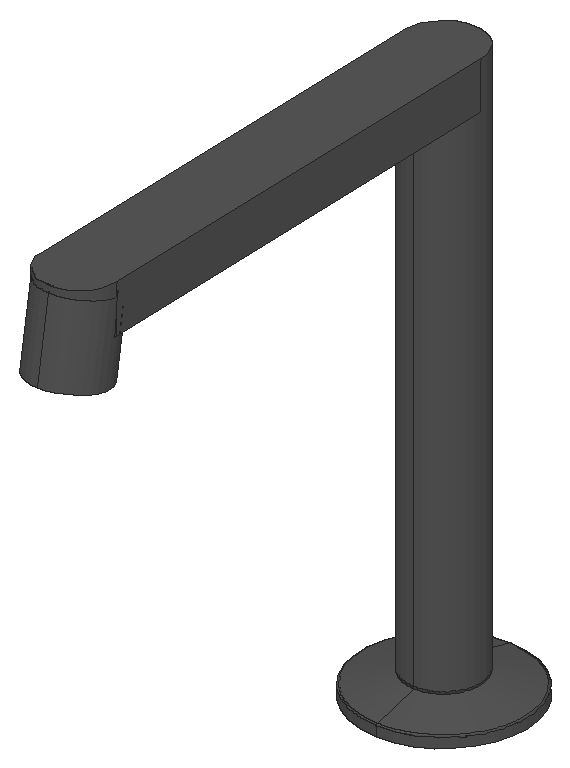
Revit family "Faucet-Lavatory-Spout-KOHLER-COMPONENTS-K-77969T_1", category Plumbing Fixtures, host Face, Revit 2017
Family settings
  Host = Face
  Round Connector Dimension = Use Diameter
  Part Type = Normal
  OmniClass Number = 23.31.11.00
  OmniClass Title = Faucets
  Cut with Voids When Loaded = No
  Shared = No
  Room Calculation Point = No
Parameters (values of type "BL-Matte Black")
  Width = 2 3/8"  # constant formula
  WaterSense Certified = 1 = 0  # no
  Waste Water Outlet = "Waste Water Outlet"  # constant formula
  Waste Connection = 1 = 0  # no
  Vent Connection = 1 = 0  # no
  URL = "http://www.kohler.com.cn/"
  Type = 1
  Spout Reach = 6 5/8"  # constant formula
  Product Page URL = "https://www.kohler.com.cn/product/K-77969T-MU-BL/K-77969T-MU-BL/"
  Product Name = "COMPONENTS"  # constant formula
  Product Documentation Link = "https://files.kohler.com.cn/pdfs/1565148624807_1287329-2-C(77965T%2077966T%2023887T%2077967T%2077968T%2077969T%20%2077990T-4%20%2077990T-8&8MU%20%2077990T-9).pdf"
  Pressure = 0.00 psi
  Model = "K-77969T-MU-BL"  # constant formula
  Material = "Premium Metal Construction"  # constant formula
  Master Format 2014 = "22 41 39"  # constant formula
  Master Format 2014 Name = "Residential Faucets, Supplies, and Trim"  # constant formula
  Manufacturer Address = "Kohler Beijing Office (100016) 36-2-03-B, No. 88, Liuxiang Road, Beijing"  # constant formula
  Manufacturer = "KOHLER Co."  # constant formula
  Length = Spout Reach  # 6 5/8"
  Hot Water Inlet = "Hot Water Inlet"  # constant formula
  Height = 8 1/4"  # constant formula
  HW Connection = 1 = 0  # no
  Flow Rate = 0 GPM
  Finish = Kohler-Metal-BL-Matte_Black
  Environmental Product Declaration = ""
  Drain Included = 1 = 1  # yes
  Description = "Yi Ting 8-inch Basin Faucet-Curved Tube Spout (Manchester United Limited Edition)"  # constant formula
  Default Elevation = 36"
  Declare Label = ""
  Date Modified = "01/15/2021"  # constant formula
  Date Created = "01/15/2021"  # constant formula
  Copyright = "Copyright KOHLER Co."  # constant formula
  Contact Us = "http://www.kohler.com.cn/contact/contact-us/"
  Cold Water Inlet = "Cold Water Inlet"  # constant formula
  CW Connection = 1 = 0  # no
  Assembly Code = "D2010"
  ADA Compliant = 1 = 0  # no
Reference planes (in)
  plane 1 "Center (Front/Back)": y = 0
  plane 2: z = 0
  plane 3 "Center (Left/Right)": x = 0
  plane 4: x = -1.1875
  plane 5: x = 1.1875
  plane 6: y = -6.625
  plane 7: z = 8.25
  plane 8: y = 1.18111
  plane 9: y = -1.1811
  plane 10: y = -7.15682
  plane 11: z = 0.3208
  plane 12: x = -0.53077
  plane 13: x = 0.53077
  plane 14: y = 0.53273
  plane 15: y = -0.53273
  plane 16: z = 6.9685
Dimensions and locks (in)
  equal spacing: plane 4, plane 3 "Center (Left/Right)", plane 5
  "Width": plane 4 to plane 5
  "Length": plane 6 to plane 1 "Center (Front/Back)"
  "Height": plane 7 to plane 2
  "Spout Reach": plane 6 to plane 1 "Center (Front/Back)"
  plane 16 to level = 6.9685"
  plane 13 to plane 12 = 1.06154"
  aligned and locked: plane 2 to host face
  aligned and locked: level to host face
Automatic sketch dimensions
  host sketch curve to host sketch curve = 96"  (x2)
Nested families (in)
  nested 1: "K-77969T" at (0, 0, 0), type "K-77969T"
Definition of nested family "K-77969T"
  Parameters (values of type "K-77969T")
    Material = none
  Reference planes (in)
    plane 1 "Center (Front/Back)": y = 0
    plane 2: z = 0
    plane 3 "Center (Left/Right)": x = 0
    plane 4: z = 8.25
    plane 5: x = -1.1875
    plane 6: x = 1.1875
    plane 7: y = -6.625
    plane 8: z = 7
    plane 9: y = 1.18111
    plane 10: y = -1.1811
    plane 11: y = -7.15682
    plane 12: z = 0.3208
  Forms (in)
    Revolve 1, solid, material <- "Material", detail levels medium+fine
      sketch origin (0, 0, 0) x (0, 1, 0) y (0, 0, 1)
        loop
          line (0, 0) -> (1.18111, 0) -> (1.18111, 0.13926)
          arc (1.18111, 0.13926) -> (1.17614, 0.15359) -> (1.16338, 0.16177) r 0.02316
          line (1.16338, 0.16177) -> (0.51523, 0.31812)
          arc (0.51523, 0.31812) -> (0.52673, 0.33523) -> (0.53078, 0.35544) r 0.05258
          line (0.53078, 0.35544) -> (0.53078, 8.25) -> (0, 8.25) -> (0, 0)
        axis (0, 8.25) -> (0, 0)
      angle from 0 to 360
    Extrusion 2, solid, material <- "Material", detail levels coarse
      sketch origin (0, 0, 0) x (1, 0, 0) y (0, 1, 0)
        loop
          circle (0, 0) r 1.1811
      from 0 to 0.32403
    Revolve 3, solid, material <- "Material"
      sketch origin (0, 0.01611, -0.00391) x (0, 1, 0) y (0, 0, 1)
        loop
          line (-6.6483, 6.9528) -> (-6.43588, 8.15749) -> (-6.96052, 8.25) -> (-7.17294, 7.04531) -> (-6.6483, 6.9528)
        axis (-6.43588, 8.15749) -> (-6.6483, 6.9528)
      angle from 0 to 360
    Extrusion 4, solid, material <- "Material", detail levels medium+fine
      sketch origin (0, 0, 0) x (1, 0, 0) y (0, 1, 0)
        loop
          arc (0.53077, 0.00017) -> (0, 0.53078) -> (-0.53077, 0.00017) r 0.53077
          line (-0.53077, 0.00017) -> (-0.53273, -6.43572)
          spline (-0.53273, -6.43572) -> (-0.51461, -6.57154) -> (-0.46141, -6.69811) -> (-0.37675, -6.8068) -> (-0.26641, -6.8902) -> (-0.13791, -6.94263) -> (0, -6.96052) -> (0.13791, -6.94263) -> (0.26641, -6.8902) -> (0.37675, -6.8068) -> (0.46141, -6.69811) -> (0.51461, -6.57154) -> (0.53273, -6.43572)
          line (0.53273, -6.43572) -> (0.53077, 0.00017)
      from 7.57253 to 8.25
    Extrusion 5, solid, material <- "Material", detail levels coarse
      sketch origin (0, 0, 0) x (1, 0, 0) y (0, 1, 0)
        loop
          circle (0, 0) r 0.53077
      from 0.24885 to 7.57253
    Extrusion 6, solid, material <- "Material", detail levels coarse
      sketch origin (0, 0, 0) x (1, 0, 0) y (0, 1, 0)
        loop
          line (0.53273, -6.43572) -> (0.53077, 0.00033)
          arc (0.53077, 0.00033) -> (0, 0.53078) -> (-0.53077, 0.00033) r 0.53077
          line (-0.53077, 0.00033) -> (-0.53273, -6.43572)
          spline (-0.53273, -6.43572) -> (-0.51461, -6.57154) -> (-0.46141, -6.69811) -> (-0.37675, -6.8068) -> (-0.26641, -6.8902) -> (-0.13791, -6.94263) -> (0, -6.96052) -> (0.13791, -6.94263) -> (0.26641, -6.8902) -> (0.37675, -6.8068) -> (0.46141, -6.69811) -> (0.51461, -6.57154) -> (0.53273, -6.43572)
      from 7.57253 to 8.25
  Cuts and joins
    joined: Revolve 1, Extrusion 4
  Lines and regions (in)
    Masking region 1
      outline origin (0, 0, 0) x (0, 1, 0) y (0, 0, 1)
        loop
          line (1.18111, 0) -> (1.18111, 0.13933)
          arc (1.18111, 0.13933) -> (1.17617, 0.1536) -> (1.16346, 0.16175) r 0.02306
          line (1.16346, 0.16175) -> (0.50538, 0.3208)
          arc (0.50538, 0.3208) -> (0.52565, 0.35296) -> (0.53273, 0.39031) r 0.10199
          line (0.53273, 0.39031) -> (0.53273, 8.25) -> (-6.96052, 8.25) -> (-7.15682, 7.04141) -> (-6.10755, 6.85639) -> (-5.98127, 7.57253) -> (-0.53273, 7.57253) -> (-0.53273, 0.39031)
          arc (-0.53273, 0.39031) -> (-0.52565, 0.35296) -> (-0.50538, 0.3208) r 0.10199
          line (-0.50538, 0.3208) -> (-1.16346, 0.16175)
          arc (-1.16346, 0.16175) -> (-1.17617, 0.1536) -> (-1.18111, 0.13933) r 0.02306
          line (-1.18111, 0.13933) -> (-1.18111, 0) -> (1.18111, 0)
    Masking region 2
      outline origin (0, 0, 0) x (1, 0, 0) y (0, 0, 1)
        loop
          line (-1.1875, 0) -> (1.1875, 0) -> (1.1875, 0.13933)
          arc (1.1875, 0.13933) -> (1.18256, 0.1536) -> (1.16986, 0.16175) r 0.02306
          line (1.16986, 0.16175) -> (0.50653, 0.32207)
          arc (0.50653, 0.32207) -> (0.52596, 0.35376) -> (0.53273, 0.39031) r 0.10199
          line (0.53273, 0.39031) -> (0.53273, 8.25) -> (-0.53273, 8.25) -> (-0.53273, 0.39031)
          arc (-0.53273, 0.39031) -> (-0.52596, 0.35376) -> (-0.50653, 0.32207) r 0.10199
          line (-0.50653, 0.32207) -> (-1.16986, 0.16175)
          arc (-1.16986, 0.16175) -> (-1.18256, 0.1536) -> (-1.1875, 0.13933) r 0.02306
          line (-1.1875, 0.13933) -> (-1.1875, 0)
    Masking region 3
      outline origin (0, 0, 0) x (1, 0, 0) y (0, 1, 0)
        loop
          arc (0.53109, -1.05508) -> (0, 1.19454) -> (-0.53109, -1.05508) r 1.1875
          line (-0.53109, -1.05508) -> (-0.53109, -6.59108)
          spline (-0.53109, -6.59108) -> (-0.5238, -6.72785) -> (-0.48081, -6.8581) -> (-0.40506, -6.97295) -> (-0.3017, -7.06458) -> (-0.17778, -7.12675) -> (-0.04174, -7.15521) -> (0.09713, -7.14803) -> (0.22939, -7.10569) -> (0.34602, -7.03109) -> (0.43907, -6.9293) -> (0.50219, -6.80726) -> (0.53109, -6.6733)
          line (0.53109, -6.6733) -> (0.53109, -1.05508)
    symbolic lines, detail levels medium+fine
      curve 1: line (-0.50825, 0, 0.32403) -> (0.50825, 0, 0.32403)
      curve 2: line (0, 1.18111, 0.13933) -> (0, -1.18111, 0.13933)
      curve 3: line (-1.1875, 0, 0.13933) -> (1.1875, 0, 0.13933)
      curve 4: spline (-0.53273, 0, 7) -> (-0.51458, 0, 6.97606) -> (-0.46136, 0, 6.95375) -> (-0.3767, 0, 6.93459) -> (-0.26637, 0, 6.91989) -> (-0.13788, 0, 6.91064) -> (0, 0, 6.90749) -> (0.13788, 0, 6.91064) -> (0.26637, 0, 6.91989) -> (0.3767, 0, 6.93459) -> (0.46136, 0, 6.95375) -> (0.51458, 0, 6.97606) -> (0.53273, 0, 7) -> (0.51458, 0, 7.02394) -> (0.46136, 0, 7.04625) -> (0.3767, 0, 7.06541) -> (0.26637, 0, 7.08011) -> (0.13788, 0, 7.08936) -> (0, 0, 7.09251) -> (-0.13788, 0, 7.08936) -> (-0.26637, 0, 7.08011) -> (-0.3767, 0, 7.06541) -> (-0.46136, 0, 7.04625) -> (-0.51458, 0, 7.02394) -> (-0.53273, 0, 7)
      curve 5: line (0, -0.53273, 7.57253) -> (0, 0.53273, 7.57253)
      curve 6: arc (0, -6.38195, 7.5326) -> (0, -6.1826, 7.56253) -> (0, -5.98127, 7.57253) r 2.03002
      curve 7: spline (-0.53273, -6.43572, 0) -> (-0.51461, -6.57154, 0) -> (-0.46141, -6.69811, 0) -> (-0.37675, -6.8068, 0) -> (-0.26641, -6.8902, 0) -> (-0.13791, -6.94263, 0) -> (0, -6.96052, 0) -> (0.13791, -6.94263, 0) -> (0.26641, -6.8902, 0) -> (0.37675, -6.8068, 0) -> (0.46141, -6.69811, 0) -> (0.51461, -6.57154, 0) -> (0.53273, -6.43572, 0)
      curve 8: line (0.53077, -1.05524, 0) -> (0.53077, 0.00017, 0)
      curve 9: line (-0.53077, -1.05524, 0) -> (-0.53077, 0.00017, 0)
      curve 10: arc (-0.53077, 0.00017, 0) -> (0, 0.53094, 0) -> (0.53077, 0.00017, 0) r 0.53077
      curve 11: line (0, 0.50538, 0.3208) -> (0, -0.50538, 0.3208)
      curve 12: arc (0.53103, -0.84735, 0) -> (0, 1, 0) -> (-0.53103, -0.84735, 0) r 1
  Dimensions and locks (in)
    plane 4 to level = 8 1/4"
    aligned and locked: plane 2 to level
